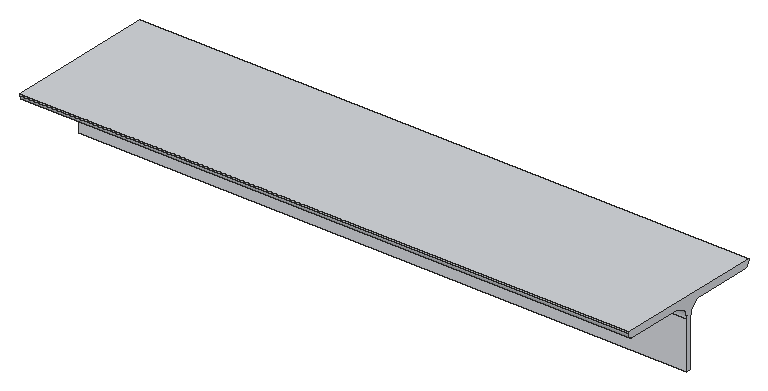
Revit family "BHE_StructuralFraming_MH-TeesfromH-Beams", category Structural Framing, Revit 2018
Family settings
  Structural Framing Length Roundoff = 1 mm
  Section Shape = Structural Tees
  Material for Model Behavior = Steel
  Always export as geometry = No
  Always vertical = Yes
  Cut with Voids When Loaded = No
  Symbolic Representation = From Project Settings
  Shared = No
  Show family pre-cut in plan views = Yes
Parameters (values of type "MHE300A")
  Width = 300 mm
  built-in parameter 1005567 = (empty or 0)
  Web Thickness = 9 mm
  Web Fillet = 27 mm
  Warping Constant = (empty or 0)
  Torsional Moment of Inertia = 0 cm⁴
  Torsional Modulus = 0 cm³
  Top Web Fillet = 0 mm
  Structural Material [instance] = none
  built-in parameter 1005564 = (empty or 0)
  Sloped Flange Angle = 0.00°
  Shear Area weak axis = 0.0 cm²
  Shear Area strong axis = 0.0 cm²
  Section Area = 0.0 cm²
  Principal Axes Angle = 0.00°
  Plastic Modulus weak axis = 0 cm³
  Plastic Modulus strong axis = 0 cm³
  Perimeter = (empty or 0)
  Nominal Weight = 0 N/m
  Moment of Inertia weak axis = 0 cm⁴
  Moment of Inertia strong axis = 0 cm⁴
  Height = 135 mm
  Flange Thickness Location = 0 mm
  Flange Thickness = 14 mm
  Flange Fillet = 10 mm
  Elastic Modulus weak axis = 0 cm³
  Elastic Modulus strong axis = 0 cm³
  Centroid Vertical = 67.5 mm
  Centroid Horizontal = 0 mm
  built-in parameter 1005542 = (empty or 0)
  Bolt Spacing = 0 mm
  built-in parameter 1005539 = (empty or 0)
  Assembly Code = ""
  Length [instance] = 1500 mm
Reference planes
  plane 1 "Center (Front/Back)": y = 0
  plane 2: z = 0
  plane 3 "Center (Left/Right)": x = 4.61
  plane 4 "Member Left": x = -604.99
  plane 5 "Member Right": x = 614.21
  plane 6: y = 150
  plane 7: y = -150
  plane 8 "Top": z = 67.5
  plane 9: z = -67.5
  plane 10 "Left": x = -757.39
  plane 11 "Right": x = 742.61
Forms (mm)
  Sweep 1, solid, material <- "Structural Material", detail levels medium
    path origin (0, 0, 0) x (1, 0, 0) y (0, 1, 0)
      loop
        line (614.21, 0) -> (-604.99, 0)
    profile "M_Structural Tee-Profile-Medium : M_Structural Tee-Profile-Medium" origin (4.61, 0, 0) x (0, -1, 0) y (0, 0, 1)
      loop
        line (-150, 67.5) -> (-150, 53.5) -> (-4.5, 53.5) -> (-4.5, -67.5) -> (4.5, -67.5) -> (4.5, 53.5) -> (150, 53.5) -> (150, 67.5) -> (-150, 67.5)
  Sweep 2, solid, material <- "Structural Material", detail levels fine
    path origin (0, 0, 0) x (1, 0, 0) y (0, 1, 0)
      loop
        line (614.21, 0) -> (-604.99, 0)
    profile "M_Structural Tee-Profile-Fine : M_Structural Tee-Profile-Fine" origin (4.61, 0, 0) x (0, -1, 0) y (0, 0, 1)
      loop
        line (-150, 67.5) -> (-150, 63.5)
        arc (-150, 63.5) -> (-147.071, 56.429) -> (-140, 53.5) r 10
        line (-140, 53.5) -> (-31.5, 53.5)
        arc (-31.5, 53.5) -> (-12.408, 45.592) -> (-4.5, 26.5) r 27
        line (-4.5, 26.5) -> (-4.5, -67.5) -> (4.5, -67.5) -> (4.5, 26.5)
        arc (4.5, 26.5) -> (12.408, 45.592) -> (31.5, 53.5) r 27
        line (31.5, 53.5) -> (140, 53.5)
        arc (140, 53.5) -> (147.071, 56.429) -> (150, 63.5) r 10
        line (150, 63.5) -> (150, 67.5) -> (-150, 67.5)
Lines and regions (mm)
  symbolic lines, style "Hidden Faces", detail levels medium+fine
    curve 1: line (614.21, -6.5, 0) -> (-604.99, -6.5, 0)
    curve 2: line (614.21, 6.5, 0) -> (-604.99, 6.5, 0)
  symbolic lines, style "Stick Symbols", detail levels coarse
    curve 3: line (4.61, 150, 67.5) -> (4.61, -150, 67.5)
    curve 4: line (4.61, 0, 67.5) -> (4.61, 0, -67.5)
Dimensions and locks
  "Width": plane 6 to plane 7
  "Height": plane 9 to plane 8 "Top"
  equal spacing: plane 9, plane 2, plane 8 "Top"
  equal spacing: plane 6, plane 1 "Center (Front/Back)", plane 7
  "Length": plane 10 "Left" to plane 11 "Right"
  aligned and locked: Sweep 1 sketch curve to plane 1 "Center (Front/Back)"
  aligned and locked: Sweep 2 sketch curve to plane 1 "Center (Front/Back)"
  aligned and locked: Sweep 2 to curve 3  (x2)
  aligned and locked: curve 4 to Sweep 1
  aligned and locked: curve 3 to Sweep 2
  aligned and locked: plane 4 "Member Left" to Sweep 1 sketch curve
  aligned and locked: plane 5 "Member Right" to Sweep 1 sketch curve
  aligned and locked: plane 4 "Member Left" to Sweep 2 sketch curve
  aligned and locked: plane 5 "Member Right" to Sweep 2 sketch curve
  aligned and locked: plane 4 "Member Left" to curve 1
  aligned and locked: plane 5 "Member Right" to curve 1
  aligned and locked: plane 4 "Member Left" to curve 2
  aligned and locked: plane 5 "Member Right" to curve 2
Automatic sketch dimensions
  plane 1 "Center (Front/Back)" to curve 1 = 6.5 mm
  curve 2 to plane 1 "Center (Front/Back)" = 6.5 mm
  curve 4 to plane 1 "Center (Front/Back)" = 0 mm
